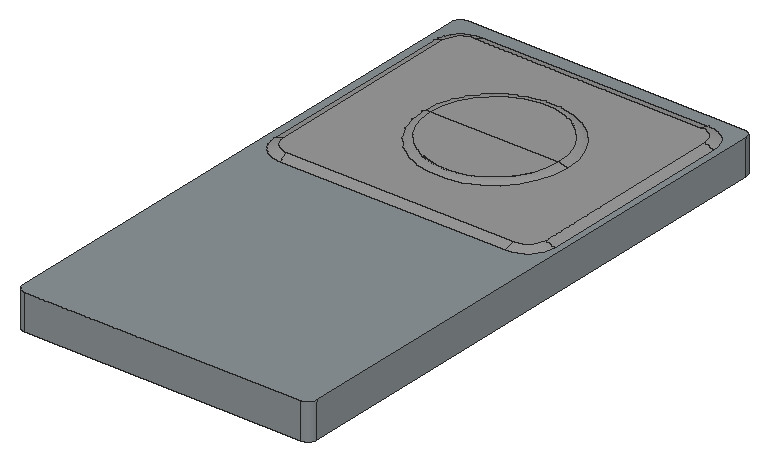
Revit family "VideoIntercom", category Security Devices, host Face, Revit 2019
Family settings
  Host = Face
  Maintain Annotation Orientation = Yes
  Round Connector Dimension = Use Diameter
  Part Type = Normal
  Cut with Voids When Loaded = No
  Shared = No
  Room Calculation Point = Yes
Parameters (values of type "TD52 Trim Plate Mount")
  Width = 5.0"
  URL = "https://www.verkada.com/intercom/video-intercom/"
  Type Image = TD52.png
  Model = "TD52-HW"
  Manufacturer = "VERKADA"  # constant formula
  Length = 9.4"
  Height = 0.7"
  Description = "VIDEO INTERCOM - TRIM PLATE MOUNT"
  Default Elevation = 48.0"
  Corner Radius = 0.15"  # constant formula
Reference planes (in)
  plane 1 "Center (Front/Back)": y = 0
  plane 2: z = 0
  plane 3 "Center (Left/Right)": x = 0
  plane 4: x = 2.5
  plane 5: y = 4.7
  plane 6: y = -4.7
  plane 7: x = -2.5
  plane 8: z = 0.7
  plane 9 "Face": z = 0.6
Forms (in)
  Extrusion 1, solid, material "Verkada Grey"
    sketch origin (0, 0, 0) x (1, 0, 0) y (0, 1, 0)
      loop
        arc (-2.35, 4.7) -> (-2.45607, 4.65607) -> (-2.5, 4.55) r 0.15
        line (-2.5, 4.55) -> (-2.5, -4.55)
        arc (-2.5, -4.55) -> (-2.45607, -4.65607) -> (-2.35, -4.7) r 0.15
        line (-2.35, -4.7) -> (2.35, -4.7)
        arc (2.35, -4.7) -> (2.45607, -4.65607) -> (2.5, -4.55) r 0.15
        line (2.5, -4.55) -> (2.5, 4.55)
        arc (2.5, 4.55) -> (2.45607, 4.65607) -> (2.35, 4.7) r 0.15
        line (2.35, 4.7) -> (-2.35, 4.7)
    from 0 to 0.6
  Revolve 2, solid, material "Verkada Black"
    sketch origin (0, 2.35078, 0.05426) x (1, 0, 0) y (0, 0, 1)
      loop
        line (0, 0.6) -> (1.23707, 0.6)
        arc (1.23707, 0.6) -> (1.16614, 0.63143) -> (1.08931, 0.64218) r 0.27995
        line (1.08931, 0.64218) -> (0, 0.64218) -> (0, 0.6)
      axis (0, 0.64218) -> (0, 0.6)
    angle from 0 to 360
  Blend 3, solid, material "Verkada Black"
    base sketch origin (0, 0, 0.6) x (0, -1, 0) y (1, 0, 0)
      loop
        line (-4.47938, 1.92521) -> (-4.47938, -1.92521)
        arc (-4.47938, -1.92521) -> (-4.34544, -2.24857) -> (-4.02209, -2.38251) r 0.45729
        line (-4.02209, -2.38251) -> (-0.64041, -2.38251)
        arc (-0.64041, -2.38251) -> (-0.31706, -2.24857) -> (-0.18312, -1.92521) r 0.45729
        line (-0.18312, -1.92521) -> (-0.18312, 1.92521)
        arc (-0.18312, 1.92521) -> (-0.31706, 2.24857) -> (-0.64041, 2.38251) r 0.45729
        line (-0.64041, 2.38251) -> (-4.02209, 2.38251)
        arc (-4.02209, 2.38251) -> (-4.34544, 2.24857) -> (-4.47938, 1.92521) r 0.45729
    top sketch origin (0, 0, 0.6) x (0, -1, 0) y (1, 0, 0)
      loop
        line (-4.31945, 1.92521) -> (-4.31945, -1.92521)
        arc (-4.31945, -1.92521) -> (-4.23235, -2.13548) -> (-4.02209, -2.22257) r 0.29736
        line (-4.02209, -2.22257) -> (-0.64041, -2.22257)
        arc (-0.64041, -2.22257) -> (-0.43015, -2.13548) -> (-0.34305, -1.92521) r 0.29736
        line (-0.34305, -1.92521) -> (-0.34305, 1.92521)
        arc (-0.34305, 1.92521) -> (-0.43015, 2.13548) -> (-0.64041, 2.22257) r 0.29736
        line (-0.64041, 2.22257) -> (-4.02209, 2.22257)
        arc (-4.02209, 2.22257) -> (-4.23235, 2.13548) -> (-4.31945, 1.92521) r 0.29736
    from 0 to 0.05426
Dimensions and locks (in)
  equal spacing: plane 7, plane 3 "Center (Left/Right)", plane 4
  "Width": plane 7 to plane 4
  "Height": plane 8 to level
  equal spacing: plane 6, plane 1 "Center (Front/Back)", plane 5
  "Length": plane 6 to plane 5
  equal spacing: Extrusion 1, plane 3 "Center (Left/Right)", Extrusion 1
  plane 8 to plane 9 "Face" = 0.1"
  "Corner Radius": radius of Extrusion 1 sketch curve  (x4)
  aligned and locked: plane 2 to host face
  aligned and locked: level to host face
  aligned and locked: plane 5 to Extrusion 1 sketch curve
  aligned and locked: plane 7 to Extrusion 1 sketch curve
  aligned and locked: Extrusion 1 sketch curve to plane 6
  aligned and locked: Extrusion 1 sketch curve to plane 4
  aligned and locked: Blend 3 to Revolve 2
  aligned and locked: Extrusion 1 to plane 9 "Face"
  aligned and locked: nested 2 to plane 9 "Face"
Automatic sketch dimensions
  host sketch curve to host sketch curve = 96.0"  (x2)
  Revolve 2 sketch curve to plane 3 "Center (Left/Right)" = 0.0"  (x2)
  plane 8 to Revolve 2 sketch curve = 0.00356"
  plane 3 "Center (Left/Right)" to Revolve 2 sketch curve = 1.08931"
  plane 8 to Revolve 2 sketch curve = 0.04574"
  Revolve 2 sketch curve to Revolve 2 sketch curve = 0.14777"
  Revolve 2 sketch curve to level = 23.94574"
  Revolve 2 sketch curve to plane 8 = 101.07309"
  plane 5 to Blend 3 sketch curve = 0.22062"
  Blend 3 sketch curve to Blend 3 sketch curve = 0.45729"  (x3)
  Blend 3 sketch curve to plane 4 = 0.11749"
  Blend 3 sketch curve to plane 1 "Center (Front/Back)" = 0.64041"  (x3)
  plane 7 to Blend 3 sketch curve = 0.11749"
  Blend 3 sketch curve to plane 1 "Center (Front/Back)" = 0.18312"
  Blend 3 sketch curve to Blend 3 sketch curve = 0.0"
  plane 5 to Blend 3 sketch curve = 0.67791"
  plane 7 to Blend 3 sketch curve = 0.57479"
  Blend 3 sketch curve to plane 4 = 0.57479"
  Blend 3 sketch curve to Blend 3 sketch curve = 0.29736"  (x4)
Nested families (in)
  nested 1: "PlanSymbol_Intercom" at (0, 0, 0), type "Standard"
  nested 2: "Speaker" at (0, 0, 0.6), type "Standard"
Connectors (in)
  electrical at (0, 0, 0)
    settings: index 2, voltage 0 V, apparent load 0 VA, apparent load phase1 0 VA, apparent load phase2 0 VA, apparent load phase3 0 VA, power factor 1, load classification "Other", number of poles 1, system type 10, power factor state 1, is connector primary yes, connector utility no, sub classification motor no, connector description ""
Definition of nested family "PlanSymbol_Intercom"
  Reference planes (in)
    plane 1: y = 0
    plane 2: x = 0
  Lines and regions (in)
    Masking region 1
      outline origin (0, 0, 0) x (1, 0, 0) y (0, 1, 0)
        loop
          line (-0.11811, 0.2345) -> (-0.11811, 0) -> (0.11811, 0) -> (0.11811, 0.2345) -> (-0.11811, 0.2345)
        loop
          circle (0, 0.11725) r 0.09397
    detail lines
      curve 1: line (-0.03132, 0.02865, 0) -> (-0.03132, 0.20585, 0)
      curve 2: line (0.03132, 0.02865, 0) -> (0.03132, 0.20585, 0)
      curve 3: line (0.0886, 0.14858, 0) -> (-0.0886, 0.14858, 0)
      curve 4: line (0.0886, 0.08593, 0) -> (-0.0886, 0.08593, 0)
Definition of nested family "Speaker"
  Reference planes (in)
    plane 1 "Center (Front/Back)": y = 0
    plane 2: z = 0
    plane 3 "Center (Left/Right)": x = 0
  Lines and regions (in)
    model lines
      curve 1: line (0.82494, -3.2498, 0) -> (-0.82494, -3.2498, 0)
      curve 2: arc (-0.82494, -3.2498, 0) -> (-0.93542, -3.29557, 0) -> (-0.98119, -3.40605, 0) r 0.15625
      curve 3: line (-0.98119, -3.40605, 0) -> (-0.98119, -3.9627, 0)
      curve 4: arc (-0.98119, -3.9627, 0) -> (-0.93542, -4.07318, 0) -> (-0.82494, -4.11895, 0) r 0.15625
      curve 5: line (-0.82494, -4.11895, 0) -> (0.82494, -4.11895, 0)
      curve 6: arc (0.82494, -4.11895, 0) -> (0.93542, -4.07318, 0) -> (0.98119, -3.9627, 0) r 0.15625
      curve 7: line (0.98119, -3.9627, 0) -> (0.98119, -3.40605, 0)
      curve 8: arc (0.98119, -3.40605, 0) -> (0.93542, -3.29557, 0) -> (0.82494, -3.2498, 0) r 0.15625
      curve 9: line (0.39063, -3.65586, 0) -> (-0.39062, -3.65586, 0)
      curve 10: line (-0.39062, -3.71289, 0) -> (0.39063, -3.71289, 0)
      curve 11: arc (0.39063, -3.65586, 0) -> (0.41914, -3.68438, 0) -> (0.39063, -3.71289, 0) r 0.02852
      curve 12: arc (-0.39062, -3.65586, 0) -> (-0.41914, -3.68438, 0) -> (-0.39062, -3.71289, 0) r 0.02852
      curve 13: circle (-2.1875, -0.0125, 0) r 0.04395 normal (0, 0, -1)
      curve 14: circle (-2.03125, -0.0125, 0) r 0.04395 normal (0, 0, -1)
      curve 15: circle (-1.875, -0.0125, 0) r 0.04395 normal (0, 0, -1)
      curve 16: circle (-1.71875, -0.0125, 0) r 0.04395 normal (0, 0, -1)
      curve 17: circle (-1.5625, -0.0125, 0) r 0.04395 normal (0, 0, -1)
      curve 18: circle (-1.40625, -0.0125, 0) r 0.04395 normal (0, 0, -1)
      curve 19: circle (-1.25, -0.0125, 0) r 0.04395 normal (0, 0, -1)
      curve 20: circle (-1.09375, -0.0125, 0) r 0.04395 normal (0, 0, -1)
      curve 21: circle (-0.9375, -0.0125, 0) r 0.04395 normal (0, 0, -1)
      curve 22: circle (-0.78125, -0.0125, 0) r 0.04395 normal (0, 0, -1)
      curve 23: circle (-0.625, -0.0125, 0) r 0.04395 normal (0, 0, -1)
      curve 24: circle (-0.46875, -0.0125, 0) r 0.04395 normal (0, 0, -1)
      curve 25: circle (-0.3125, -0.0125, 0) r 0.04395 normal (0, 0, -1)
      curve 26: circle (-0.15625, -0.0125, 0) r 0.04395 normal (0, 0, -1)
      curve 27: circle (0, -0.0125, 0) r 0.04395 normal (0, 0, -1)
      curve 28: circle (0.15625, -0.0125, 0) r 0.04395 normal (0, 0, -1)
      curve 29: circle (0.3125, -0.0125, 0) r 0.04395 normal (0, 0, -1)
      curve 30: circle (0.46875, -0.0125, 0) r 0.04395 normal (0, 0, -1)
      curve 31: circle (0.625, -0.0125, 0) r 0.04395 normal (0, 0, -1)
      curve 32: circle (0.78125, -0.0125, 0) r 0.04395 normal (0, 0, -1)
      curve 33: circle (0.9375, -0.0125, 0) r 0.04395 normal (0, 0, -1)
      curve 34: circle (1.09375, -0.0125, 0) r 0.04395 normal (0, 0, -1)
      curve 35: circle (1.25, -0.0125, 0) r 0.04395 normal (0, 0, -1)
      curve 36: circle (1.40625, -0.0125, 0) r 0.04395 normal (0, 0, -1)
      curve 37: circle (1.5625, -0.0125, 0) r 0.04395 normal (0, 0, -1)
      curve 38: circle (1.71875, -0.0125, 0) r 0.04395 normal (0, 0, -1)
      curve 39: circle (1.875, -0.0125, 0) r 0.04395 normal (0, 0, -1)
      curve 40: circle (2.03125, -0.0125, 0) r 0.04395 normal (0, 0, -1)
      curve 41: circle (2.1875, -0.0125, 0) r 0.04395 normal (0, 0, -1)
      curve 42: circle (-2.1875, -0.16875, 0) r 0.04395 normal (0, 0, -1)
      curve 43: circle (-2.03125, -0.16875, 0) r 0.04395 normal (0, 0, -1)
      curve 44: circle (-1.875, -0.16875, 0) r 0.04395 normal (0, 0, -1)
      curve 45: circle (-1.71875, -0.16875, 0) r 0.04395 normal (0, 0, -1)
      curve 46: circle (-1.5625, -0.16875, 0) r 0.04395 normal (0, 0, -1)
      curve 47: circle (-1.40625, -0.16875, 0) r 0.04395 normal (0, 0, -1)
      curve 48: circle (-1.25, -0.16875, 0) r 0.04395 normal (0, 0, -1)
      curve 49: circle (-1.09375, -0.16875, 0) r 0.04395 normal (0, 0, -1)
      curve 50: circle (-0.9375, -0.16875, 0) r 0.04395 normal (0, 0, -1)
      curve 51: circle (-0.78125, -0.16875, 0) r 0.04395 normal (0, 0, -1)
      curve 52: circle (-0.625, -0.16875, 0) r 0.04395 normal (0, 0, -1)
      curve 53: circle (-0.46875, -0.16875, 0) r 0.04395 normal (0, 0, -1)
      curve 54: circle (-0.3125, -0.16875, 0) r 0.04395 normal (0, 0, -1)
      curve 55: circle (-0.15625, -0.16875, 0) r 0.04395 normal (0, 0, -1)
      curve 56: circle (0, -0.16875, 0) r 0.04395 normal (0, 0, -1)
      curve 57: circle (0.15625, -0.16875, 0) r 0.04395 normal (0, 0, -1)
      curve 58: circle (0.3125, -0.16875, 0) r 0.04395 normal (0, 0, -1)
      curve 59: circle (0.46875, -0.16875, 0) r 0.04395 normal (0, 0, -1)
      curve 60: circle (0.625, -0.16875, 0) r 0.04395 normal (0, 0, -1)
      curve 61: circle (0.78125, -0.16875, 0) r 0.04395 normal (0, 0, -1)
      curve 62: circle (0.9375, -0.16875, 0) r 0.04395 normal (0, 0, -1)
      curve 63: circle (1.09375, -0.16875, 0) r 0.04395 normal (0, 0, -1)
      curve 64: circle (1.25, -0.16875, 0) r 0.04395 normal (0, 0, -1)
      curve 65: circle (1.40625, -0.16875, 0) r 0.04395 normal (0, 0, -1)
      curve 66: circle (1.5625, -0.16875, 0) r 0.04395 normal (0, 0, -1)
      curve 67: circle (1.71875, -0.16875, 0) r 0.04395 normal (0, 0, -1)
      curve 68: circle (1.875, -0.16875, 0) r 0.04395 normal (0, 0, -1)
      curve 69: circle (2.03125, -0.16875, 0) r 0.04395 normal (0, 0, -1)
      curve 70: circle (2.1875, -0.16875, 0) r 0.04395 normal (0, 0, -1)
      curve 71: circle (-2.1875, -0.325, 0) r 0.04395 normal (0, 0, -1)
      curve 72: circle (-2.03125, -0.325, 0) r 0.04395 normal (0, 0, -1)
      curve 73: circle (-1.875, -0.325, 0) r 0.04395 normal (0, 0, -1)
      curve 74: circle (-1.71875, -0.325, 0) r 0.04395 normal (0, 0, -1)
      curve 75: circle (-1.5625, -0.325, 0) r 0.04395 normal (0, 0, -1)
      curve 76: circle (-1.40625, -0.325, 0) r 0.04395 normal (0, 0, -1)
      curve 77: circle (-1.25, -0.325, 0) r 0.04395 normal (0, 0, -1)
      curve 78: circle (-1.09375, -0.325, 0) r 0.04395 normal (0, 0, -1)
      curve 79: circle (-0.9375, -0.325, 0) r 0.04395 normal (0, 0, -1)
      curve 80: circle (-0.78125, -0.325, 0) r 0.04395 normal (0, 0, -1)
      curve 81: circle (-0.625, -0.325, 0) r 0.04395 normal (0, 0, -1)
      curve 82: circle (-0.46875, -0.325, 0) r 0.04395 normal (0, 0, -1)
      curve 83: circle (-0.3125, -0.325, 0) r 0.04395 normal (0, 0, -1)
      curve 84: circle (-0.15625, -0.325, 0) r 0.04395 normal (0, 0, -1)
      curve 85: circle (0, -0.325, 0) r 0.04395 normal (0, 0, -1)
      curve 86: circle (0.15625, -0.325, 0) r 0.04395 normal (0, 0, -1)
      curve 87: circle (0.3125, -0.325, 0) r 0.04395 normal (0, 0, -1)
      curve 88: circle (0.46875, -0.325, 0) r 0.04395 normal (0, 0, -1)
      curve 89: circle (0.625, -0.325, 0) r 0.04395 normal (0, 0, -1)
      curve 90: circle (0.78125, -0.325, 0) r 0.04395 normal (0, 0, -1)
      curve 91: circle (0.9375, -0.325, 0) r 0.04395 normal (0, 0, -1)
      curve 92: circle (1.09375, -0.325, 0) r 0.04395 normal (0, 0, -1)
      curve 93: circle (1.25, -0.325, 0) r 0.04395 normal (0, 0, -1)
      curve 94: circle (1.40625, -0.325, 0) r 0.04395 normal (0, 0, -1)
      curve 95: circle (1.5625, -0.325, 0) r 0.04395 normal (0, 0, -1)
      curve 96: circle (1.71875, -0.325, 0) r 0.04395 normal (0, 0, -1)
      curve 97: circle (1.875, -0.325, 0) r 0.04395 normal (0, 0, -1)
      curve 98: circle (2.03125, -0.325, 0) r 0.04395 normal (0, 0, -1)
      curve 99: circle (2.1875, -0.325, 0) r 0.04395 normal (0, 0, -1)
      curve 100: circle (-2.1875, -0.48125, 0) r 0.04395 normal (0, 0, -1)
      curve 101: circle (-2.03125, -0.48125, 0) r 0.04395 normal (0, 0, -1)
      curve 102: circle (-1.875, -0.48125, 0) r 0.04395 normal (0, 0, -1)
      curve 103: circle (-1.71875, -0.48125, 0) r 0.04395 normal (0, 0, -1)
      curve 104: circle (-1.5625, -0.48125, 0) r 0.04395 normal (0, 0, -1)
      curve 105: circle (-1.40625, -0.48125, 0) r 0.04395 normal (0, 0, -1)
      curve 106: circle (-1.25, -0.48125, 0) r 0.04395 normal (0, 0, -1)
      curve 107: circle (-1.09375, -0.48125, 0) r 0.04395 normal (0, 0, -1)
      curve 108: circle (-0.9375, -0.48125, 0) r 0.04395 normal (0, 0, -1)
      curve 109: circle (-0.78125, -0.48125, 0) r 0.04395 normal (0, 0, -1)
      curve 110: circle (-0.625, -0.48125, 0) r 0.04395 normal (0, 0, -1)
      curve 111: circle (-0.46875, -0.48125, 0) r 0.04395 normal (0, 0, -1)
      curve 112: circle (-0.3125, -0.48125, 0) r 0.04395 normal (0, 0, -1)
      curve 113: circle (-0.15625, -0.48125, 0) r 0.04395 normal (0, 0, -1)
      curve 114: circle (0, -0.48125, 0) r 0.04395 normal (0, 0, -1)
      curve 115: circle (0.15625, -0.48125, 0) r 0.04395 normal (0, 0, -1)
      curve 116: circle (0.3125, -0.48125, 0) r 0.04395 normal (0, 0, -1)
      curve 117: circle (0.46875, -0.48125, 0) r 0.04395 normal (0, 0, -1)
      curve 118: circle (0.625, -0.48125, 0) r 0.04395 normal (0, 0, -1)
      curve 119: circle (0.78125, -0.48125, 0) r 0.04395 normal (0, 0, -1)
      curve 120: circle (0.9375, -0.48125, 0) r 0.04395 normal (0, 0, -1)
      curve 121: circle (1.09375, -0.48125, 0) r 0.04395 normal (0, 0, -1)
      curve 122: circle (1.25, -0.48125, 0) r 0.04395 normal (0, 0, -1)
      curve 123: circle (1.40625, -0.48125, 0) r 0.04395 normal (0, 0, -1)
      curve 124: circle (1.5625, -0.48125, 0) r 0.04395 normal (0, 0, -1)
      curve 125: circle (1.71875, -0.48125, 0) r 0.04395 normal (0, 0, -1)
      curve 126: circle (1.875, -0.48125, 0) r 0.04395 normal (0, 0, -1)
      curve 127: circle (2.03125, -0.48125, 0) r 0.04395 normal (0, 0, -1)
      curve 128: circle (2.1875, -0.48125, 0) r 0.04395 normal (0, 0, -1)
      curve 129: circle (-2.1875, -0.6375, 0) r 0.04395 normal (0, 0, -1)
      curve 130: circle (-2.03125, -0.6375, 0) r 0.04395 normal (0, 0, -1)
      curve 131: circle (-1.875, -0.6375, 0) r 0.04395 normal (0, 0, -1)
      curve 132: circle (-1.71875, -0.6375, 0) r 0.04395 normal (0, 0, -1)
      curve 133: circle (-1.5625, -0.6375, 0) r 0.04395 normal (0, 0, -1)
      curve 134: circle (-1.40625, -0.6375, 0) r 0.04395 normal (0, 0, -1)
      curve 135: circle (-1.25, -0.6375, 0) r 0.04395 normal (0, 0, -1)
      curve 136: circle (-1.09375, -0.6375, 0) r 0.04395 normal (0, 0, -1)
      curve 137: circle (-0.9375, -0.6375, 0) r 0.04395 normal (0, 0, -1)
      curve 138: circle (-0.78125, -0.6375, 0) r 0.04395 normal (0, 0, -1)
      curve 139: circle (-0.625, -0.6375, 0) r 0.04395 normal (0, 0, -1)
      curve 140: circle (-0.46875, -0.6375, 0) r 0.04395 normal (0, 0, -1)
      curve 141: circle (-0.3125, -0.6375, 0) r 0.04395 normal (0, 0, -1)
      curve 142: circle (-0.15625, -0.6375, 0) r 0.04395 normal (0, 0, -1)
      curve 143: circle (0, -0.6375, 0) r 0.04395 normal (0, 0, -1)
      curve 144: circle (0.15625, -0.6375, 0) r 0.04395 normal (0, 0, -1)
      curve 145: circle (0.3125, -0.6375, 0) r 0.04395 normal (0, 0, -1)
      curve 146: circle (0.46875, -0.6375, 0) r 0.04395 normal (0, 0, -1)
      curve 147: circle (0.625, -0.6375, 0) r 0.04395 normal (0, 0, -1)
      curve 148: circle (0.78125, -0.6375, 0) r 0.04395 normal (0, 0, -1)
      curve 149: circle (0.9375, -0.6375, 0) r 0.04395 normal (0, 0, -1)
      curve 150: circle (1.09375, -0.6375, 0) r 0.04395 normal (0, 0, -1)
      curve 151: circle (1.25, -0.6375, 0) r 0.04395 normal (0, 0, -1)
      curve 152: circle (1.40625, -0.6375, 0) r 0.04395 normal (0, 0, -1)
      curve 153: circle (1.5625, -0.6375, 0) r 0.04395 normal (0, 0, -1)
      curve 154: circle (1.71875, -0.6375, 0) r 0.04395 normal (0, 0, -1)
      curve 155: circle (1.875, -0.6375, 0) r 0.04395 normal (0, 0, -1)
      curve 156: circle (2.03125, -0.6375, 0) r 0.04395 normal (0, 0, -1)
      curve 157: circle (2.1875, -0.6375, 0) r 0.04395 normal (0, 0, -1)
      curve 158: circle (-2.1875, -0.79375, 0) r 0.04395 normal (0, 0, -1)
      curve 159: circle (-2.03125, -0.79375, 0) r 0.04395 normal (0, 0, -1)
      curve 160: circle (-1.875, -0.79375, 0) r 0.04395 normal (0, 0, -1)
      curve 161: circle (-1.71875, -0.79375, 0) r 0.04395 normal (0, 0, -1)
      curve 162: circle (-1.5625, -0.79375, 0) r 0.04395 normal (0, 0, -1)
      curve 163: circle (-1.40625, -0.79375, 0) r 0.04395 normal (0, 0, -1)
      curve 164: circle (-1.25, -0.79375, 0) r 0.04395 normal (0, 0, -1)
      curve 165: circle (-1.09375, -0.79375, 0) r 0.04395 normal (0, 0, -1)
      curve 166: circle (-0.9375, -0.79375, 0) r 0.04395 normal (0, 0, -1)
      curve 167: circle (-0.78125, -0.79375, 0) r 0.04395 normal (0, 0, -1)
      curve 168: circle (-0.625, -0.79375, 0) r 0.04395 normal (0, 0, -1)
      curve 169: circle (-0.46875, -0.79375, 0) r 0.04395 normal (0, 0, -1)
      curve 170: circle (-0.3125, -0.79375, 0) r 0.04395 normal (0, 0, -1)
      curve 171: circle (-0.15625, -0.79375, 0) r 0.04395 normal (0, 0, -1)
      curve 172: circle (0, -0.79375, 0) r 0.04395 normal (0, 0, -1)
      curve 173: circle (0.15625, -0.79375, 0) r 0.04395 normal (0, 0, -1)
      curve 174: circle (0.3125, -0.79375, 0) r 0.04395 normal (0, 0, -1)
      curve 175: circle (0.46875, -0.79375, 0) r 0.04395 normal (0, 0, -1)
      curve 176: circle (0.625, -0.79375, 0) r 0.04395 normal (0, 0, -1)
      curve 177: circle (0.78125, -0.79375, 0) r 0.04395 normal (0, 0, -1)
      curve 178: circle (0.9375, -0.79375, 0) r 0.04395 normal (0, 0, -1)
      curve 179: circle (1.09375, -0.79375, 0) r 0.04395 normal (0, 0, -1)
      curve 180: circle (1.25, -0.79375, 0) r 0.04395 normal (0, 0, -1)
      curve 181: circle (1.40625, -0.79375, 0) r 0.04395 normal (0, 0, -1)
      curve 182: circle (1.5625, -0.79375, 0) r 0.04395 normal (0, 0, -1)
      curve 183: circle (1.71875, -0.79375, 0) r 0.04395 normal (0, 0, -1)
      curve 184: circle (1.875, -0.79375, 0) r 0.04395 normal (0, 0, -1)
      curve 185: circle (2.03125, -0.79375, 0) r 0.04395 normal (0, 0, -1)
      curve 186: circle (2.1875, -0.79375, 0) r 0.04395 normal (0, 0, -1)
      curve 187: circle (-2.1875, -0.95, 0) r 0.04395 normal (0, 0, -1)
      curve 188: circle (-2.03125, -0.95, 0) r 0.04395 normal (0, 0, -1)
      curve 189: circle (-1.875, -0.95, 0) r 0.04395 normal (0, 0, -1)
      curve 190: circle (-1.71875, -0.95, 0) r 0.04395 normal (0, 0, -1)
      curve 191: circle (-1.5625, -0.95, 0) r 0.04395 normal (0, 0, -1)
      curve 192: circle (-1.40625, -0.95, 0) r 0.04395 normal (0, 0, -1)
      curve 193: circle (-1.25, -0.95, 0) r 0.04395 normal (0, 0, -1)
      curve 194: circle (-1.09375, -0.95, 0) r 0.04395 normal (0, 0, -1)
      curve 195: circle (-0.9375, -0.95, 0) r 0.04395 normal (0, 0, -1)
      curve 196: circle (-0.78125, -0.95, 0) r 0.04395 normal (0, 0, -1)
      curve 197: circle (-0.625, -0.95, 0) r 0.04395 normal (0, 0, -1)
      curve 198: circle (-0.46875, -0.95, 0) r 0.04395 normal (0, 0, -1)
      curve 199: circle (-0.3125, -0.95, 0) r 0.04395 normal (0, 0, -1)
      curve 200: circle (-0.15625, -0.95, 0) r 0.04395 normal (0, 0, -1)
      curve 201: circle (0, -0.95, 0) r 0.04395 normal (0, 0, -1)
      curve 202: circle (0.15625, -0.95, 0) r 0.04395 normal (0, 0, -1)
      curve 203: circle (0.3125, -0.95, 0) r 0.04395 normal (0, 0, -1)
      curve 204: circle (0.46875, -0.95, 0) r 0.04395 normal (0, 0, -1)
      curve 205: circle (0.625, -0.95, 0) r 0.04395 normal (0, 0, -1)
      curve 206: circle (0.78125, -0.95, 0) r 0.04395 normal (0, 0, -1)
      curve 207: circle (0.9375, -0.95, 0) r 0.04395 normal (0, 0, -1)
      curve 208: circle (1.09375, -0.95, 0) r 0.04395 normal (0, 0, -1)
      curve 209: circle (1.25, -0.95, 0) r 0.04395 normal (0, 0, -1)
      curve 210: circle (1.40625, -0.95, 0) r 0.04395 normal (0, 0, -1)
      curve 211: circle (1.5625, -0.95, 0) r 0.04395 normal (0, 0, -1)
      curve 212: circle (1.71875, -0.95, 0) r 0.04395 normal (0, 0, -1)
      curve 213: circle (1.875, -0.95, 0) r 0.04395 normal (0, 0, -1)
      curve 214: circle (2.03125, -0.95, 0) r 0.04395 normal (0, 0, -1)
      curve 215: circle (2.1875, -0.95, 0) r 0.04395 normal (0, 0, -1)
      curve 216: circle (-2.1875, -1.10625, 0) r 0.04395 normal (0, 0, -1)
      curve 217: circle (-2.03125, -1.10625, 0) r 0.04395 normal (0, 0, -1)
      curve 218: circle (-1.875, -1.10625, 0) r 0.04395 normal (0, 0, -1)
      curve 219: circle (-1.71875, -1.10625, 0) r 0.04395 normal (0, 0, -1)
      curve 220: circle (-1.5625, -1.10625, 0) r 0.04395 normal (0, 0, -1)
      curve 221: circle (-1.40625, -1.10625, 0) r 0.04395 normal (0, 0, -1)
      curve 222: circle (-1.25, -1.10625, 0) r 0.04395 normal (0, 0, -1)
      curve 223: circle (-1.09375, -1.10625, 0) r 0.04395 normal (0, 0, -1)
      curve 224: circle (-0.9375, -1.10625, 0) r 0.04395 normal (0, 0, -1)
      curve 225: circle (-0.78125, -1.10625, 0) r 0.04395 normal (0, 0, -1)
      curve 226: circle (-0.625, -1.10625, 0) r 0.04395 normal (0, 0, -1)
      curve 227: circle (-0.46875, -1.10625, 0) r 0.04395 normal (0, 0, -1)
      curve 228: circle (-0.3125, -1.10625, 0) r 0.04395 normal (0, 0, -1)
      curve 229: circle (-0.15625, -1.10625, 0) r 0.04395 normal (0, 0, -1)
      curve 230: circle (0, -1.10625, 0) r 0.04395 normal (0, 0, -1)
      curve 231: circle (0.15625, -1.10625, 0) r 0.04395 normal (0, 0, -1)
      curve 232: circle (0.3125, -1.10625, 0) r 0.04395 normal (0, 0, -1)
      curve 233: circle (0.46875, -1.10625, 0) r 0.04395 normal (0, 0, -1)
      curve 234: circle (0.625, -1.10625, 0) r 0.04395 normal (0, 0, -1)
      curve 235: circle (0.78125, -1.10625, 0) r 0.04395 normal (0, 0, -1)
      curve 236: circle (0.9375, -1.10625, 0) r 0.04395 normal (0, 0, -1)
      curve 237: circle (1.09375, -1.10625, 0) r 0.04395 normal (0, 0, -1)
      curve 238: circle (1.25, -1.10625, 0) r 0.04395 normal (0, 0, -1)
      curve 239: circle (1.40625, -1.10625, 0) r 0.04395 normal (0, 0, -1)
      curve 240: circle (1.5625, -1.10625, 0) r 0.04395 normal (0, 0, -1)
      curve 241: circle (1.71875, -1.10625, 0) r 0.04395 normal (0, 0, -1)
      curve 242: circle (1.875, -1.10625, 0) r 0.04395 normal (0, 0, -1)
      curve 243: circle (2.03125, -1.10625, 0) r 0.04395 normal (0, 0, -1)
      curve 244: circle (2.1875, -1.10625, 0) r 0.04395 normal (0, 0, -1)
      curve 245: circle (-2.1875, -1.2625, 0) r 0.04395 normal (0, 0, -1)
      curve 246: circle (-2.03125, -1.2625, 0) r 0.04395 normal (0, 0, -1)
      curve 247: circle (-1.875, -1.2625, 0) r 0.04395 normal (0, 0, -1)
      curve 248: circle (-1.71875, -1.2625, 0) r 0.04395 normal (0, 0, -1)
      curve 249: circle (-1.5625, -1.2625, 0) r 0.04395 normal (0, 0, -1)
      curve 250: circle (-1.40625, -1.2625, 0) r 0.04395 normal (0, 0, -1)
      curve 251: circle (-1.25, -1.2625, 0) r 0.04395 normal (0, 0, -1)
      curve 252: circle (-1.09375, -1.2625, 0) r 0.04395 normal (0, 0, -1)
      curve 253: circle (-0.9375, -1.2625, 0) r 0.04395 normal (0, 0, -1)
      curve 254: circle (-0.78125, -1.2625, 0) r 0.04395 normal (0, 0, -1)
      curve 255: circle (-0.625, -1.2625, 0) r 0.04395 normal (0, 0, -1)
      curve 256: circle (-0.46875, -1.2625, 0) r 0.04395 normal (0, 0, -1)
      curve 257: circle (-0.3125, -1.2625, 0) r 0.04395 normal (0, 0, -1)
      curve 258: circle (-0.15625, -1.2625, 0) r 0.04395 normal (0, 0, -1)
      curve 259: circle (0, -1.2625, 0) r 0.04395 normal (0, 0, -1)
      curve 260: circle (0.15625, -1.2625, 0) r 0.04395 normal (0, 0, -1)
      curve 261: circle (0.3125, -1.2625, 0) r 0.04395 normal (0, 0, -1)
      curve 262: circle (0.46875, -1.2625, 0) r 0.04395 normal (0, 0, -1)
      curve 263: circle (0.625, -1.2625, 0) r 0.04395 normal (0, 0, -1)
      curve 264: circle (0.78125, -1.2625, 0) r 0.04395 normal (0, 0, -1)
      curve 265: circle (0.9375, -1.2625, 0) r 0.04395 normal (0, 0, -1)
      curve 266: circle (1.09375, -1.2625, 0) r 0.04395 normal (0, 0, -1)
      curve 267: circle (1.25, -1.2625, 0) r 0.04395 normal (0, 0, -1)
      curve 268: circle (1.40625, -1.2625, 0) r 0.04395 normal (0, 0, -1)
      curve 269: circle (1.5625, -1.2625, 0) r 0.04395 normal (0, 0, -1)
      curve 270: circle (1.71875, -1.2625, 0) r 0.04395 normal (0, 0, -1)
      curve 271: circle (1.875, -1.2625, 0) r 0.04395 normal (0, 0, -1)
      curve 272: circle (2.03125, -1.2625, 0) r 0.04395 normal (0, 0, -1)
      curve 273: circle (2.1875, -1.2625, 0) r 0.04395 normal (0, 0, -1)
      curve 274: circle (-2.1875, -1.41875, 0) r 0.04395 normal (0, 0, -1)
      curve 275: circle (-2.03125, -1.41875, 0) r 0.04395 normal (0, 0, -1)
      curve 276: circle (-1.875, -1.41875, 0) r 0.04395 normal (0, 0, -1)
      curve 277: circle (-1.71875, -1.41875, 0) r 0.04395 normal (0, 0, -1)
      curve 278: circle (-1.5625, -1.41875, 0) r 0.04395 normal (0, 0, -1)
      curve 279: circle (-1.40625, -1.41875, 0) r 0.04395 normal (0, 0, -1)
      curve 280: circle (-1.25, -1.41875, 0) r 0.04395 normal (0, 0, -1)
      curve 281: circle (-1.09375, -1.41875, 0) r 0.04395 normal (0, 0, -1)
      curve 282: circle (-0.9375, -1.41875, 0) r 0.04395 normal (0, 0, -1)
      curve 283: circle (-0.78125, -1.41875, 0) r 0.04395 normal (0, 0, -1)
      curve 284: circle (-0.625, -1.41875, 0) r 0.04395 normal (0, 0, -1)
      curve 285: circle (-0.46875, -1.41875, 0) r 0.04395 normal (0, 0, -1)
      curve 286: circle (-0.3125, -1.41875, 0) r 0.04395 normal (0, 0, -1)
      curve 287: circle (-0.15625, -1.41875, 0) r 0.04395 normal (0, 0, -1)
      curve 288: circle (0, -1.41875, 0) r 0.04395 normal (0, 0, -1)
      curve 289: circle (0.15625, -1.41875, 0) r 0.04395 normal (0, 0, -1)
      curve 290: circle (0.3125, -1.41875, 0) r 0.04395 normal (0, 0, -1)
      curve 291: circle (0.46875, -1.41875, 0) r 0.04395 normal (0, 0, -1)
      curve 292: circle (0.625, -1.41875, 0) r 0.04395 normal (0, 0, -1)
      curve 293: circle (0.78125, -1.41875, 0) r 0.04395 normal (0, 0, -1)
      curve 294: circle (0.9375, -1.41875, 0) r 0.04395 normal (0, 0, -1)
      curve 295: circle (1.09375, -1.41875, 0) r 0.04395 normal (0, 0, -1)
      curve 296: circle (1.25, -1.41875, 0) r 0.04395 normal (0, 0, -1)
      curve 297: circle (1.40625, -1.41875, 0) r 0.04395 normal (0, 0, -1)
      curve 298: circle (1.5625, -1.41875, 0) r 0.04395 normal (0, 0, -1)
      curve 299: circle (1.71875, -1.41875, 0) r 0.04395 normal (0, 0, -1)
      curve 300: circle (1.875, -1.41875, 0) r 0.04395 normal (0, 0, -1)
      curve 301: circle (2.03125, -1.41875, 0) r 0.04395 normal (0, 0, -1)
      curve 302: circle (2.1875, -1.41875, 0) r 0.04395 normal (0, 0, -1)
      curve 303: circle (-2.1875, -1.575, 0) r 0.04395 normal (0, 0, -1)
      curve 304: circle (-2.03125, -1.575, 0) r 0.04395 normal (0, 0, -1)
      curve 305: circle (-1.875, -1.575, 0) r 0.04395 normal (0, 0, -1)
      curve 306: circle (-1.71875, -1.575, 0) r 0.04395 normal (0, 0, -1)
      curve 307: circle (-1.5625, -1.575, 0) r 0.04395 normal (0, 0, -1)
      curve 308: circle (-1.40625, -1.575, 0) r 0.04395 normal (0, 0, -1)
      curve 309: circle (-1.25, -1.575, 0) r 0.04395 normal (0, 0, -1)
      curve 310: circle (-1.09375, -1.575, 0) r 0.04395 normal (0, 0, -1)
      curve 311: circle (-0.9375, -1.575, 0) r 0.04395 normal (0, 0, -1)
      curve 312: circle (-0.78125, -1.575, 0) r 0.04395 normal (0, 0, -1)
      curve 313: circle (-0.625, -1.575, 0) r 0.04395 normal (0, 0, -1)
      curve 314: circle (-0.46875, -1.575, 0) r 0.04395 normal (0, 0, -1)
      curve 315: circle (-0.3125, -1.575, 0) r 0.04395 normal (0, 0, -1)
      curve 316: circle (-0.15625, -1.575, 0) r 0.04395 normal (0, 0, -1)
      curve 317: circle (0, -1.575, 0) r 0.04395 normal (0, 0, -1)
      curve 318: circle (0.15625, -1.575, 0) r 0.04395 normal (0, 0, -1)
      curve 319: circle (0.3125, -1.575, 0) r 0.04395 normal (0, 0, -1)
      curve 320: circle (0.46875, -1.575, 0) r 0.04395 normal (0, 0, -1)
      curve 321: circle (0.625, -1.575, 0) r 0.04395 normal (0, 0, -1)
      curve 322: circle (0.78125, -1.575, 0) r 0.04395 normal (0, 0, -1)
      curve 323: circle (0.9375, -1.575, 0) r 0.04395 normal (0, 0, -1)
      curve 324: circle (1.09375, -1.575, 0) r 0.04395 normal (0, 0, -1)
      curve 325: circle (1.25, -1.575, 0) r 0.04395 normal (0, 0, -1)
      curve 326: circle (1.40625, -1.575, 0) r 0.04395 normal (0, 0, -1)
      curve 327: circle (1.5625, -1.575, 0) r 0.04395 normal (0, 0, -1)
      curve 328: circle (1.71875, -1.575, 0) r 0.04395 normal (0, 0, -1)
      curve 329: circle (1.875, -1.575, 0) r 0.04395 normal (0, 0, -1)
      curve 330: circle (2.03125, -1.575, 0) r 0.04395 normal (0, 0, -1)
      curve 331: circle (2.1875, -1.575, 0) r 0.04395 normal (0, 0, -1)
      curve 332: circle (-2.1875, -1.73125, 0) r 0.04395 normal (0, 0, -1)
      curve 333: circle (-2.03125, -1.73125, 0) r 0.04395 normal (0, 0, -1)
      curve 334: circle (-1.875, -1.73125, 0) r 0.04395 normal (0, 0, -1)
      curve 335: circle (-1.71875, -1.73125, 0) r 0.04395 normal (0, 0, -1)
      curve 336: circle (-1.5625, -1.73125, 0) r 0.04395 normal (0, 0, -1)
      curve 337: circle (-1.40625, -1.73125, 0) r 0.04395 normal (0, 0, -1)
      curve 338: circle (-1.25, -1.73125, 0) r 0.04395 normal (0, 0, -1)
      curve 339: circle (-1.09375, -1.73125, 0) r 0.04395 normal (0, 0, -1)
      curve 340: circle (-0.9375, -1.73125, 0) r 0.04395 normal (0, 0, -1)
      curve 341: circle (-0.78125, -1.73125, 0) r 0.04395 normal (0, 0, -1)
      curve 342: circle (-0.625, -1.73125, 0) r 0.04395 normal (0, 0, -1)
      curve 343: circle (-0.46875, -1.73125, 0) r 0.04395 normal (0, 0, -1)
      curve 344: circle (-0.3125, -1.73125, 0) r 0.04395 normal (0, 0, -1)
      curve 345: circle (-0.15625, -1.73125, 0) r 0.04395 normal (0, 0, -1)
      curve 346: circle (0, -1.73125, 0) r 0.04395 normal (0, 0, -1)
      curve 347: circle (0.15625, -1.73125, 0) r 0.04395 normal (0, 0, -1)
      curve 348: circle (0.3125, -1.73125, 0) r 0.04395 normal (0, 0, -1)
      curve 349: circle (0.46875, -1.73125, 0) r 0.04395 normal (0, 0, -1)
      curve 350: circle (0.625, -1.73125, 0) r 0.04395 normal (0, 0, -1)
      curve 351: circle (0.78125, -1.73125, 0) r 0.04395 normal (0, 0, -1)
      curve 352: circle (0.9375, -1.73125, 0) r 0.04395 normal (0, 0, -1)
      curve 353: circle (1.09375, -1.73125, 0) r 0.04395 normal (0, 0, -1)
      curve 354: circle (1.25, -1.73125, 0) r 0.04395 normal (0, 0, -1)
      curve 355: circle (1.40625, -1.73125, 0) r 0.04395 normal (0, 0, -1)
      curve 356: circle (1.5625, -1.73125, 0) r 0.04395 normal (0, 0, -1)
      curve 357: circle (1.71875, -1.73125, 0) r 0.04395 normal (0, 0, -1)
      curve 358: circle (1.875, -1.73125, 0) r 0.04395 normal (0, 0, -1)
      curve 359: circle (2.03125, -1.73125, 0) r 0.04395 normal (0, 0, -1)
      curve 360: circle (2.1875, -1.73125, 0) r 0.04395 normal (0, 0, -1)
      curve 361: circle (-2.1875, -1.8875, 0) r 0.04395 normal (0, 0, -1)
      curve 362: circle (-2.03125, -1.8875, 0) r 0.04395 normal (0, 0, -1)
      curve 363: circle (-1.875, -1.8875, 0) r 0.04395 normal (0, 0, -1)
      curve 364: circle (-1.71875, -1.8875, 0) r 0.04395 normal (0, 0, -1)
      curve 365: circle (-1.5625, -1.8875, 0) r 0.04395 normal (0, 0, -1)
      curve 366: circle (-1.40625, -1.8875, 0) r 0.04395 normal (0, 0, -1)
      curve 367: circle (-1.25, -1.8875, 0) r 0.04395 normal (0, 0, -1)
      curve 368: circle (-1.09375, -1.8875, 0) r 0.04395 normal (0, 0, -1)
      curve 369: circle (-0.9375, -1.8875, 0) r 0.04395 normal (0, 0, -1)
      curve 370: circle (-0.78125, -1.8875, 0) r 0.04395 normal (0, 0, -1)
      curve 371: circle (-0.625, -1.8875, 0) r 0.04395 normal (0, 0, -1)
      curve 372: circle (-0.46875, -1.8875, 0) r 0.04395 normal (0, 0, -1)
      curve 373: circle (-0.3125, -1.8875, 0) r 0.04395 normal (0, 0, -1)
      curve 374: circle (-0.15625, -1.8875, 0) r 0.04395 normal (0, 0, -1)
      curve 375: circle (0, -1.8875, 0) r 0.04395 normal (0, 0, -1)
      curve 376: circle (0.15625, -1.8875, 0) r 0.04395 normal (0, 0, -1)
      curve 377: circle (0.3125, -1.8875, 0) r 0.04395 normal (0, 0, -1)
      curve 378: circle (0.46875, -1.8875, 0) r 0.04395 normal (0, 0, -1)
      curve 379: circle (0.625, -1.8875, 0) r 0.04395 normal (0, 0, -1)
      curve 380: circle (0.78125, -1.8875, 0) r 0.04395 normal (0, 0, -1)
      curve 381: circle (0.9375, -1.8875, 0) r 0.04395 normal (0, 0, -1)
      curve 382: circle (1.09375, -1.8875, 0) r 0.04395 normal (0, 0, -1)
      curve 383: circle (1.25, -1.8875, 0) r 0.04395 normal (0, 0, -1)
      curve 384: circle (1.40625, -1.8875, 0) r 0.04395 normal (0, 0, -1)
      curve 385: circle (1.5625, -1.8875, 0) r 0.04395 normal (0, 0, -1)
      curve 386: circle (1.71875, -1.8875, 0) r 0.04395 normal (0, 0, -1)
      curve 387: circle (1.875, -1.8875, 0) r 0.04395 normal (0, 0, -1)
      curve 388: circle (2.03125, -1.8875, 0) r 0.04395 normal (0, 0, -1)
      curve 389: circle (2.1875, -1.8875, 0) r 0.04395 normal (0, 0, -1)
      curve 390: circle (-2.1875, -2.04375, 0) r 0.04395 normal (0, 0, -1)
      curve 391: circle (-2.03125, -2.04375, 0) r 0.04395 normal (0, 0, -1)
      curve 392: circle (-1.875, -2.04375, 0) r 0.04395 normal (0, 0, -1)
      curve 393: circle (-1.71875, -2.04375, 0) r 0.04395 normal (0, 0, -1)
      curve 394: circle (-1.5625, -2.04375, 0) r 0.04395 normal (0, 0, -1)
      curve 395: circle (-1.40625, -2.04375, 0) r 0.04395 normal (0, 0, -1)
      curve 396: circle (-1.25, -2.04375, 0) r 0.04395 normal (0, 0, -1)
      curve 397: circle (-1.09375, -2.04375, 0) r 0.04395 normal (0, 0, -1)
      curve 398: circle (-0.9375, -2.04375, 0) r 0.04395 normal (0, 0, -1)
      curve 399: circle (-0.78125, -2.04375, 0) r 0.04395 normal (0, 0, -1)
      curve 400: circle (-0.625, -2.04375, 0) r 0.04395 normal (0, 0, -1)
      curve 401: circle (-0.46875, -2.04375, 0) r 0.04395 normal (0, 0, -1)
      curve 402: circle (-0.3125, -2.04375, 0) r 0.04395 normal (0, 0, -1)
      curve 403: circle (-0.15625, -2.04375, 0) r 0.04395 normal (0, 0, -1)
      curve 404: circle (0, -2.04375, 0) r 0.04395 normal (0, 0, -1)
      curve 405: circle (0.15625, -2.04375, 0) r 0.04395 normal (0, 0, -1)
      curve 406: circle (0.3125, -2.04375, 0) r 0.04395 normal (0, 0, -1)
      curve 407: circle (0.46875, -2.04375, 0) r 0.04395 normal (0, 0, -1)
      curve 408: circle (0.625, -2.04375, 0) r 0.04395 normal (0, 0, -1)
      curve 409: circle (0.78125, -2.04375, 0) r 0.04395 normal (0, 0, -1)
      curve 410: circle (0.9375, -2.04375, 0) r 0.04395 normal (0, 0, -1)
      curve 411: circle (1.09375, -2.04375, 0) r 0.04395 normal (0, 0, -1)
      curve 412: circle (1.25, -2.04375, 0) r 0.04395 normal (0, 0, -1)
      curve 413: circle (1.40625, -2.04375, 0) r 0.04395 normal (0, 0, -1)
      curve 414: circle (1.5625, -2.04375, 0) r 0.04395 normal (0, 0, -1)
      curve 415: circle (1.71875, -2.04375, 0) r 0.04395 normal (0, 0, -1)
      curve 416: circle (1.875, -2.04375, 0) r 0.04395 normal (0, 0, -1)
      curve 417: circle (2.03125, -2.04375, 0) r 0.04395 normal (0, 0, -1)
      curve 418: circle (2.1875, -2.04375, 0) r 0.04395 normal (0, 0, -1)
      curve 419: circle (-2.1875, -2.2, 0) r 0.04395 normal (0, 0, -1)
      curve 420: circle (-2.03125, -2.2, 0) r 0.04395 normal (0, 0, -1)
      curve 421: circle (-1.875, -2.2, 0) r 0.04395 normal (0, 0, -1)
      curve 422: circle (-1.71875, -2.2, 0) r 0.04395 normal (0, 0, -1)
      curve 423: circle (-1.5625, -2.2, 0) r 0.04395 normal (0, 0, -1)
      curve 424: circle (-1.40625, -2.2, 0) r 0.04395 normal (0, 0, -1)
      curve 425: circle (-1.25, -2.2, 0) r 0.04395 normal (0, 0, -1)
      curve 426: circle (-1.09375, -2.2, 0) r 0.04395 normal (0, 0, -1)
      curve 427: circle (-0.9375, -2.2, 0) r 0.04395 normal (0, 0, -1)
      curve 428: circle (-0.78125, -2.2, 0) r 0.04395 normal (0, 0, -1)
      curve 429: circle (-0.625, -2.2, 0) r 0.04395 normal (0, 0, -1)
      curve 430: circle (-0.46875, -2.2, 0) r 0.04395 normal (0, 0, -1)
      curve 431: circle (-0.3125, -2.2, 0) r 0.04395 normal (0, 0, -1)
      curve 432: circle (-0.15625, -2.2, 0) r 0.04395 normal (0, 0, -1)
      curve 433: circle (0, -2.2, 0) r 0.04395 normal (0, 0, -1)
      curve 434: circle (0.15625, -2.2, 0) r 0.04395 normal (0, 0, -1)
      curve 435: circle (0.3125, -2.2, 0) r 0.04395 normal (0, 0, -1)
      curve 436: circle (0.46875, -2.2, 0) r 0.04395 normal (0, 0, -1)
      curve 437: circle (0.625, -2.2, 0) r 0.04395 normal (0, 0, -1)
      curve 438: circle (0.78125, -2.2, 0) r 0.04395 normal (0, 0, -1)
      curve 439: circle (0.9375, -2.2, 0) r 0.04395 normal (0, 0, -1)
      curve 440: circle (1.09375, -2.2, 0) r 0.04395 normal (0, 0, -1)
      curve 441: circle (1.25, -2.2, 0) r 0.04395 normal (0, 0, -1)
      curve 442: circle (1.40625, -2.2, 0) r 0.04395 normal (0, 0, -1)
      curve 443: circle (1.5625, -2.2, 0) r 0.04395 normal (0, 0, -1)
      curve 444: circle (1.71875, -2.2, 0) r 0.04395 normal (0, 0, -1)
      curve 445: circle (1.875, -2.2, 0) r 0.04395 normal (0, 0, -1)
      curve 446: circle (2.03125, -2.2, 0) r 0.04395 normal (0, 0, -1)
      curve 447: circle (2.1875, -2.2, 0) r 0.04395 normal (0, 0, -1)
      curve 448: circle (-2.1875, -2.35625, 0) r 0.04395 normal (0, 0, -1)
      curve 449: circle (-2.03125, -2.35625, 0) r 0.04395 normal (0, 0, -1)
      curve 450: circle (-1.875, -2.35625, 0) r 0.04395 normal (0, 0, -1)
      curve 451: circle (-1.71875, -2.35625, 0) r 0.04395 normal (0, 0, -1)
      curve 452: circle (-1.5625, -2.35625, 0) r 0.04395 normal (0, 0, -1)
      curve 453: circle (-1.40625, -2.35625, 0) r 0.04395 normal (0, 0, -1)
      curve 454: circle (-1.25, -2.35625, 0) r 0.04395 normal (0, 0, -1)
      curve 455: circle (-1.09375, -2.35625, 0) r 0.04395 normal (0, 0, -1)
      curve 456: circle (-0.9375, -2.35625, 0) r 0.04395 normal (0, 0, -1)
      curve 457: circle (-0.78125, -2.35625, 0) r 0.04395 normal (0, 0, -1)
      curve 458: circle (-0.625, -2.35625, 0) r 0.04395 normal (0, 0, -1)
      curve 459: circle (-0.46875, -2.35625, 0) r 0.04395 normal (0, 0, -1)
      curve 460: circle (-0.3125, -2.35625, 0) r 0.04395 normal (0, 0, -1)
      curve 461: circle (-0.15625, -2.35625, 0) r 0.04395 normal (0, 0, -1)
      curve 462: circle (0, -2.35625, 0) r 0.04395 normal (0, 0, -1)
      curve 463: circle (0.15625, -2.35625, 0) r 0.04395 normal (0, 0, -1)
      curve 464: circle (0.3125, -2.35625, 0) r 0.04395 normal (0, 0, -1)
      curve 465: circle (0.46875, -2.35625, 0) r 0.04395 normal (0, 0, -1)
      curve 466: circle (0.625, -2.35625, 0) r 0.04395 normal (0, 0, -1)
      curve 467: circle (0.78125, -2.35625, 0) r 0.04395 normal (0, 0, -1)
      curve 468: circle (0.9375, -2.35625, 0) r 0.04395 normal (0, 0, -1)
      curve 469: circle (1.09375, -2.35625, 0) r 0.04395 normal (0, 0, -1)
      curve 470: circle (1.25, -2.35625, 0) r 0.04395 normal (0, 0, -1)
      curve 471: circle (1.40625, -2.35625, 0) r 0.04395 normal (0, 0, -1)
      curve 472: circle (1.5625, -2.35625, 0) r 0.04395 normal (0, 0, -1)
      curve 473: circle (1.71875, -2.35625, 0) r 0.04395 normal (0, 0, -1)
      curve 474: circle (1.875, -2.35625, 0) r 0.04395 normal (0, 0, -1)
      curve 475: circle (2.03125, -2.35625, 0) r 0.04395 normal (0, 0, -1)
      curve 476: circle (2.1875, -2.35625, 0) r 0.04395 normal (0, 0, -1)
      curve 477: circle (-2.1875, -2.5125, 0) r 0.04395 normal (0, 0, -1)
      curve 478: circle (-2.03125, -2.5125, 0) r 0.04395 normal (0, 0, -1)
      curve 479: circle (-1.875, -2.5125, 0) r 0.04395 normal (0, 0, -1)
      curve 480: circle (-1.71875, -2.5125, 0) r 0.04395 normal (0, 0, -1)
      curve 481: circle (-1.5625, -2.5125, 0) r 0.04395 normal (0, 0, -1)
      curve 482: circle (-1.40625, -2.5125, 0) r 0.04395 normal (0, 0, -1)
      curve 483: circle (-1.25, -2.5125, 0) r 0.04395 normal (0, 0, -1)
      curve 484: circle (-1.09375, -2.5125, 0) r 0.04395 normal (0, 0, -1)
      curve 485: circle (-0.9375, -2.5125, 0) r 0.04395 normal (0, 0, -1)
      curve 486: circle (-0.78125, -2.5125, 0) r 0.04395 normal (0, 0, -1)
      curve 487: circle (-0.625, -2.5125, 0) r 0.04395 normal (0, 0, -1)
      curve 488: circle (-0.46875, -2.5125, 0) r 0.04395 normal (0, 0, -1)
      curve 489: circle (-0.3125, -2.5125, 0) r 0.04395 normal (0, 0, -1)
      curve 490: circle (-0.15625, -2.5125, 0) r 0.04395 normal (0, 0, -1)
      curve 491: circle (0, -2.5125, 0) r 0.04395 normal (0, 0, -1)
      curve 492: circle (0.15625, -2.5125, 0) r 0.04395 normal (0, 0, -1)
      curve 493: circle (0.3125, -2.5125, 0) r 0.04395 normal (0, 0, -1)
      curve 494: circle (0.46875, -2.5125, 0) r 0.04395 normal (0, 0, -1)
      curve 495: circle (0.625, -2.5125, 0) r 0.04395 normal (0, 0, -1)
      curve 496: circle (0.78125, -2.5125, 0) r 0.04395 normal (0, 0, -1)
      curve 497: circle (0.9375, -2.5125, 0) r 0.04395 normal (0, 0, -1)
      curve 498: circle (1.09375, -2.5125, 0) r 0.04395 normal (0, 0, -1)
      curve 499: circle (1.25, -2.5125, 0) r 0.04395 normal (0, 0, -1)
      curve 500: circle (1.40625, -2.5125, 0) r 0.04395 normal (0, 0, -1)
      curve 501: circle (1.5625, -2.5125, 0) r 0.04395 normal (0, 0, -1)
      curve 502: circle (1.71875, -2.5125, 0) r 0.04395 normal (0, 0, -1)
      curve 503: circle (1.875, -2.5125, 0) r 0.04395 normal (0, 0, -1)
      curve 504: circle (2.03125, -2.5125, 0) r 0.04395 normal (0, 0, -1)
      curve 505: circle (2.1875, -2.5125, 0) r 0.04395 normal (0, 0, -1)
      curve 506: circle (-2.1875, -2.66875, 0) r 0.04395 normal (0, 0, -1)
      curve 507: circle (-2.03125, -2.66875, 0) r 0.04395 normal (0, 0, -1)
      curve 508: circle (-1.875, -2.66875, 0) r 0.04395 normal (0, 0, -1)
      curve 509: circle (-1.71875, -2.66875, 0) r 0.04395 normal (0, 0, -1)
      curve 510: circle (-1.5625, -2.66875, 0) r 0.04395 normal (0, 0, -1)
      curve 511: circle (-1.40625, -2.66875, 0) r 0.04395 normal (0, 0, -1)
      curve 512: circle (-1.25, -2.66875, 0) r 0.04395 normal (0, 0, -1)
      curve 513: circle (-1.09375, -2.66875, 0) r 0.04395 normal (0, 0, -1)
      curve 514: circle (-0.9375, -2.66875, 0) r 0.04395 normal (0, 0, -1)
      curve 515: circle (-0.78125, -2.66875, 0) r 0.04395 normal (0, 0, -1)
      curve 516: circle (-0.625, -2.66875, 0) r 0.04395 normal (0, 0, -1)
      curve 517: circle (-0.46875, -2.66875, 0) r 0.04395 normal (0, 0, -1)
      curve 518: circle (-0.3125, -2.66875, 0) r 0.04395 normal (0, 0, -1)
      curve 519: circle (-0.15625, -2.66875, 0) r 0.04395 normal (0, 0, -1)
      curve 520: circle (0, -2.66875, 0) r 0.04395 normal (0, 0, -1)
      curve 521: circle (0.15625, -2.66875, 0) r 0.04395 normal (0, 0, -1)
      curve 522: circle (0.3125, -2.66875, 0) r 0.04395 normal (0, 0, -1)
      curve 523: circle (0.46875, -2.66875, 0) r 0.04395 normal (0, 0, -1)
      curve 524: circle (0.625, -2.66875, 0) r 0.04395 normal (0, 0, -1)
      curve 525: circle (0.78125, -2.66875, 0) r 0.04395 normal (0, 0, -1)
      curve 526: circle (0.9375, -2.66875, 0) r 0.04395 normal (0, 0, -1)
      curve 527: circle (1.09375, -2.66875, 0) r 0.04395 normal (0, 0, -1)
      curve 528: circle (1.25, -2.66875, 0) r 0.04395 normal (0, 0, -1)
      curve 529: circle (1.40625, -2.66875, 0) r 0.04395 normal (0, 0, -1)
      curve 530: circle (1.5625, -2.66875, 0) r 0.04395 normal (0, 0, -1)
      curve 531: circle (1.71875, -2.66875, 0) r 0.04395 normal (0, 0, -1)
      curve 532: circle (1.875, -2.66875, 0) r 0.04395 normal (0, 0, -1)
      curve 533: circle (2.03125, -2.66875, 0) r 0.04395 normal (0, 0, -1)
      curve 534: circle (2.1875, -2.66875, 0) r 0.04395 normal (0, 0, -1)
      curve 535: circle (-2.1875, -2.825, 0) r 0.04395 normal (0, 0, -1)
      curve 536: circle (-2.03125, -2.825, 0) r 0.04395 normal (0, 0, -1)
      curve 537: circle (-1.875, -2.825, 0) r 0.04395 normal (0, 0, -1)
      curve 538: circle (-1.71875, -2.825, 0) r 0.04395 normal (0, 0, -1)
      curve 539: circle (-1.5625, -2.825, 0) r 0.04395 normal (0, 0, -1)
      curve 540: circle (-1.40625, -2.825, 0) r 0.04395 normal (0, 0, -1)
      curve 541: circle (-1.25, -2.825, 0) r 0.04395 normal (0, 0, -1)
      curve 542: circle (-1.09375, -2.825, 0) r 0.04395 normal (0, 0, -1)
      curve 543: circle (-0.9375, -2.825, 0) r 0.04395 normal (0, 0, -1)
      curve 544: circle (-0.78125, -2.825, 0) r 0.04395 normal (0, 0, -1)
      curve 545: circle (-0.625, -2.825, 0) r 0.04395 normal (0, 0, -1)
      curve 546: circle (-0.46875, -2.825, 0) r 0.04395 normal (0, 0, -1)
      curve 547: circle (-0.3125, -2.825, 0) r 0.04395 normal (0, 0, -1)
      curve 548: circle (-0.15625, -2.825, 0) r 0.04395 normal (0, 0, -1)
      curve 549: circle (0, -2.825, 0) r 0.04395 normal (0, 0, -1)
      curve 550: circle (0.15625, -2.825, 0) r 0.04395 normal (0, 0, -1)
      curve 551: circle (0.3125, -2.825, 0) r 0.04395 normal (0, 0, -1)
      curve 552: circle (0.46875, -2.825, 0) r 0.04395 normal (0, 0, -1)
      curve 553: circle (0.625, -2.825, 0) r 0.04395 normal (0, 0, -1)
      curve 554: circle (0.78125, -2.825, 0) r 0.04395 normal (0, 0, -1)
      curve 555: circle (0.9375, -2.825, 0) r 0.04395 normal (0, 0, -1)
      curve 556: circle (1.09375, -2.825, 0) r 0.04395 normal (0, 0, -1)
      curve 557: circle (1.25, -2.825, 0) r 0.04395 normal (0, 0, -1)
      curve 558: circle (1.40625, -2.825, 0) r 0.04395 normal (0, 0, -1)
      curve 559: circle (1.5625, -2.825, 0) r 0.04395 normal (0, 0, -1)
      curve 560: circle (1.71875, -2.825, 0) r 0.04395 normal (0, 0, -1)
      curve 561: circle (1.875, -2.825, 0) r 0.04395 normal (0, 0, -1)
      curve 562: circle (2.03125, -2.825, 0) r 0.04395 normal (0, 0, -1)
      curve 563: circle (2.1875, -2.825, 0) r 0.04395 normal (0, 0, -1)
      curve 564: circle (-2.1875, -2.98125, 0) r 0.04395 normal (0, 0, -1)
      curve 565: circle (-2.03125, -2.98125, 0) r 0.04395 normal (0, 0, -1)
      curve 566: circle (-1.875, -2.98125, 0) r 0.04395 normal (0, 0, -1)
      curve 567: circle (-1.71875, -2.98125, 0) r 0.04395 normal (0, 0, -1)
      curve 568: circle (-1.5625, -2.98125, 0) r 0.04395 normal (0, 0, -1)
      curve 569: circle (-1.40625, -2.98125, 0) r 0.04395 normal (0, 0, -1)
      curve 570: circle (-1.25, -2.98125, 0) r 0.04395 normal (0, 0, -1)
      curve 571: circle (-1.09375, -2.98125, 0) r 0.04395 normal (0, 0, -1)
      curve 572: circle (-0.9375, -2.98125, 0) r 0.04395 normal (0, 0, -1)
      curve 573: circle (-0.78125, -2.98125, 0) r 0.04395 normal (0, 0, -1)
      curve 574: circle (-0.625, -2.98125, 0) r 0.04395 normal (0, 0, -1)
      curve 575: circle (-0.46875, -2.98125, 0) r 0.04395 normal (0, 0, -1)
      curve 576: circle (-0.3125, -2.98125, 0) r 0.04395 normal (0, 0, -1)
      curve 577: circle (-0.15625, -2.98125, 0) r 0.04395 normal (0, 0, -1)
      curve 578: circle (0, -2.98125, 0) r 0.04395 normal (0, 0, -1)
      curve 579: circle (0.15625, -2.98125, 0) r 0.04395 normal (0, 0, -1)
      curve 580: circle (0.3125, -2.98125, 0) r 0.04395 normal (0, 0, -1)
      curve 581: circle (0.46875, -2.98125, 0) r 0.04395 normal (0, 0, -1)
      curve 582: circle (0.625, -2.98125, 0) r 0.04395 normal (0, 0, -1)
      curve 583: circle (0.78125, -2.98125, 0) r 0.04395 normal (0, 0, -1)
      curve 584: circle (0.9375, -2.98125, 0) r 0.04395 normal (0, 0, -1)
      curve 585: circle (1.09375, -2.98125, 0) r 0.04395 normal (0, 0, -1)
      curve 586: circle (1.25, -2.98125, 0) r 0.04395 normal (0, 0, -1)
      curve 587: circle (1.40625, -2.98125, 0) r 0.04395 normal (0, 0, -1)
      curve 588: circle (1.5625, -2.98125, 0) r 0.04395 normal (0, 0, -1)
      curve 589: circle (1.71875, -2.98125, 0) r 0.04395 normal (0, 0, -1)
      curve 590: circle (1.875, -2.98125, 0) r 0.04395 normal (0, 0, -1)
      curve 591: circle (2.03125, -2.98125, 0) r 0.04395 normal (0, 0, -1)
      curve 592: circle (2.1875, -2.98125, 0) r 0.04395 normal (0, 0, -1)
      curve 593: circle (-2.1875, -3.1375, 0) r 0.04395 normal (0, 0, -1)
      curve 594: circle (-2.03125, -3.1375, 0) r 0.04395 normal (0, 0, -1)
      curve 595: circle (-1.875, -3.1375, 0) r 0.04395 normal (0, 0, -1)
      curve 596: circle (-1.71875, -3.1375, 0) r 0.04395 normal (0, 0, -1)
      curve 597: circle (-1.5625, -3.1375, 0) r 0.04395 normal (0, 0, -1)
      curve 598: circle (-1.40625, -3.1375, 0) r 0.04395 normal (0, 0, -1)
      curve 599: circle (-1.25, -3.1375, 0) r 0.04395 normal (0, 0, -1)
      curve 600: circle (-1.09375, -3.1375, 0) r 0.04395 normal (0, 0, -1)
      curve 601: circle (-0.9375, -3.1375, 0) r 0.04395 normal (0, 0, -1)
      curve 602: circle (-0.78125, -3.1375, 0) r 0.04395 normal (0, 0, -1)
      curve 603: circle (-0.625, -3.1375, 0) r 0.04395 normal (0, 0, -1)
      curve 604: circle (-0.46875, -3.1375, 0) r 0.04395 normal (0, 0, -1)
      curve 605: circle (-0.3125, -3.1375, 0) r 0.04395 normal (0, 0, -1)
      curve 606: circle (-0.15625, -3.1375, 0) r 0.04395 normal (0, 0, -1)
      curve 607: circle (0, -3.1375, 0) r 0.04395 normal (0, 0, -1)
      curve 608: circle (0.15625, -3.1375, 0) r 0.04395 normal (0, 0, -1)
      curve 609: circle (0.3125, -3.1375, 0) r 0.04395 normal (0, 0, -1)
      curve 610: circle (0.46875, -3.1375, 0) r 0.04395 normal (0, 0, -1)
      curve 611: circle (0.625, -3.1375, 0) r 0.04395 normal (0, 0, -1)
      curve 612: circle (0.78125, -3.1375, 0) r 0.04395 normal (0, 0, -1)
      curve 613: circle (0.9375, -3.1375, 0) r 0.04395 normal (0, 0, -1)
      curve 614: circle (1.09375, -3.1375, 0) r 0.04395 normal (0, 0, -1)
      curve 615: circle (1.25, -3.1375, 0) r 0.04395 normal (0, 0, -1)
      curve 616: circle (1.40625, -3.1375, 0) r 0.04395 normal (0, 0, -1)
      curve 617: circle (1.5625, -3.1375, 0) r 0.04395 normal (0, 0, -1)
      curve 618: circle (1.71875, -3.1375, 0) r 0.04395 normal (0, 0, -1)
      curve 619: circle (1.875, -3.1375, 0) r 0.04395 normal (0, 0, -1)
      curve 620: circle (2.03125, -3.1375, 0) r 0.04395 normal (0, 0, -1)
      curve 621: circle (2.1875, -3.1375, 0) r 0.04395 normal (0, 0, -1)
      curve 622: circle (-2.1875, -3.29375, 0) r 0.04395 normal (0, 0, -1)
      curve 623: circle (-2.03125, -3.29375, 0) r 0.04395 normal (0, 0, -1)
      curve 624: circle (-1.875, -3.29375, 0) r 0.04395 normal (0, 0, -1)
      curve 625: circle (-1.71875, -3.29375, 0) r 0.04395 normal (0, 0, -1)
      curve 626: circle (-1.5625, -3.29375, 0) r 0.04395 normal (0, 0, -1)
      curve 627: circle (-1.40625, -3.29375, 0) r 0.04395 normal (0, 0, -1)
      curve 628: circle (-1.25, -3.29375, 0) r 0.04395 normal (0, 0, -1)
      curve 629: circle (-1.09375, -3.29375, 0) r 0.04395 normal (0, 0, -1)
      curve 630: circle (1.09375, -3.29375, 0) r 0.04395 normal (0, 0, -1)
      curve 631: circle (1.25, -3.29375, 0) r 0.04395 normal (0, 0, -1)
      curve 632: circle (1.40625, -3.29375, 0) r 0.04395 normal (0, 0, -1)
      curve 633: circle (1.5625, -3.29375, 0) r 0.04395 normal (0, 0, -1)
      curve 634: circle (1.71875, -3.29375, 0) r 0.04395 normal (0, 0, -1)
      curve 635: circle (1.875, -3.29375, 0) r 0.04395 normal (0, 0, -1)
      curve 636: circle (2.03125, -3.29375, 0) r 0.04395 normal (0, 0, -1)
      curve 637: circle (2.1875, -3.29375, 0) r 0.04395 normal (0, 0, -1)
      curve 638: circle (-2.1875, -3.45, 0) r 0.04395 normal (0, 0, -1)
      curve 639: circle (-2.03125, -3.45, 0) r 0.04395 normal (0, 0, -1)
      curve 640: circle (-1.875, -3.45, 0) r 0.04395 normal (0, 0, -1)
      curve 641: circle (-1.71875, -3.45, 0) r 0.04395 normal (0, 0, -1)
      curve 642: circle (-1.5625, -3.45, 0) r 0.04395 normal (0, 0, -1)
      curve 643: circle (-1.40625, -3.45, 0) r 0.04395 normal (0, 0, -1)
      curve 644: circle (-1.25, -3.45, 0) r 0.04395 normal (0, 0, -1)
